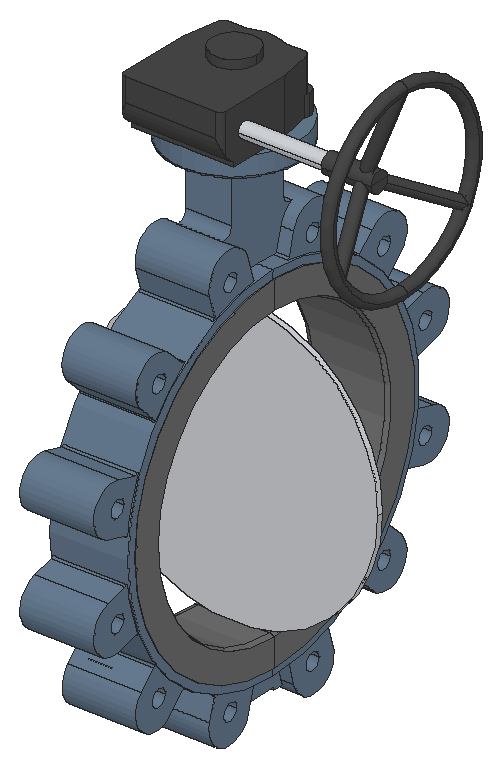
Revit family "Absperr- und Regulierklappe mit Getriebe AF-4219", category Rohrzubehör, Revit 2018 (continued)
Dimensions and locks
  "L02": plane 3 "Mitte (Links/rechts)" to Revolve 1 sketch curve  (x2)
  "D05": Revolve 6 sketch curve to plane 2
  "D04": Revolve 6 sketch curve to plane 2  (x2)
  "D02": Revolve 6 sketch curve to plane 2  (x2)
  "L03": plane 3 "Mitte (Links/rechts)" to Revolve 6 sketch curve
  "L02": Revolve 6 sketch curve to plane 3 "Mitte (Links/rechts)"
  "L03": Revolve 6 sketch curve to plane 3 "Mitte (Links/rechts)"
  "L01": plane 3 "Mitte (Links/rechts)" to Revolve 1 sketch curve
  "D02": Revolve 1 sketch curve to plane 2
  "L02": plane 3 "Mitte (Links/rechts)" to Revolve 6 sketch curve
  "D03": plane 2 to Revolve 6 sketch curve
  "L04": Revolve 6 sketch curve to plane 3 "Mitte (Links/rechts)" to Revolve 6 sketch curve
  "L01": curve 2 to plane 3 "Mitte (Links/rechts)" to curve 4
  equal spacing: curve 3, curve 6, curve 1
  equal spacing: curve 2, curve 6, curve 4
  "D01": curve 1 to plane 1 "Mitte (Vorne/hinten)" to curve 3
  "L01": curve 7 to curve 12 to curve 9
  "D01": curve 10 to curve 12 to curve 8
  "R99": radius of Revolve 2 sketch curve
  "D06": radius of Extrusion 7 sketch curve
  radius of curve 6 = 5 mm
  radius of curve 12 = 5 mm
  aligned and locked: level to plane 2
Automatic sketch dimensions
  Extrusion 3 sketch curve to Extrusion 3 sketch curve = 0 mm  (x20)
  Extrusion 3 sketch curve to level = 0 mm
  Extrusion 3 sketch curve to plane 1 "Mitte (Vorne/hinten)" = 0 mm
  plane 1 "Mitte (Vorne/hinten)" to Extrusion 3 sketch curve = 18.495 mm  (x2)
  Extrusion 3 sketch curve to Extrusion 3 sketch curve = 1.414 mm  (x16)
  Extrusion 3 sketch curve to Extrusion 3 sketch curve = 12.265 mm  (x8)
  Extrusion 3 sketch curve to level = 19.909 mm  (x2)
  Extrusion 3 sketch curve to Extrusion 3 sketch curve = 24.042 mm  (x8)
  level to Extrusion 3 sketch curve = 19.909 mm  (x2)
  Extrusion 3 sketch curve to Extrusion 3 sketch curve = 12.021 mm  (x12)
  Extrusion 3 sketch curve to plane 1 "Mitte (Vorne/hinten)" = 18.495 mm  (x2)
  Extrusion 3 sketch curve to Extrusion 3 sketch curve = 0.934 mm  (x4)
  Extrusion 4 sketch curve to level = 0 mm
  Extrusion 4 sketch curve to plane 1 "Mitte (Vorne/hinten)" = 0 mm
  plane 1 "Mitte (Vorne/hinten)" to Extrusion 4 sketch curve = 18.495 mm
  Extrusion 4 sketch curve to Extrusion 4 sketch curve = 1.414 mm  (x4)
  plane 1 "Mitte (Vorne/hinten)" to Extrusion 4 sketch curve = 20 mm
  Extrusion 4 sketch curve to Extrusion 4 sketch curve = 12.265 mm  (x2)
  Extrusion 4 sketch curve to Extrusion 4 sketch curve = 15 mm  (x2)
  Extrusion 4 sketch curve to Extrusion 4 sketch curve = 12.021 mm  (x4)
  Extrusion 4 sketch curve to plane 1 "Mitte (Vorne/hinten)" = 18.495 mm
  Extrusion 4 sketch curve to plane 1 "Mitte (Vorne/hinten)" = 20 mm
  level to Extrusion 4 sketch curve = 43.95 mm
  Extrusion 4 sketch curve to Extrusion 4 sketch curve = 0 mm
  Extrusion 4 sketch curve to Extrusion 4 sketch curve = 0.244 mm  (x2)
  Extrusion 4 sketch curve to Extrusion 4 sketch curve = 18.63 mm  (x2)
  Extrusion 4 sketch curve to Extrusion 4 sketch curve = 0.934 mm
  Extrusion 5 sketch curve to level = 0 mm
  Extrusion 5 sketch curve to plane 1 "Mitte (Vorne/hinten)" = 0 mm
  plane 1 "Mitte (Vorne/hinten)" to Extrusion 5 sketch curve = 15 mm
  Extrusion 5 sketch curve to Extrusion 5 sketch curve = 1.963 mm  (x2)
  Extrusion 5 sketch curve to Extrusion 5 sketch curve = 1.531 mm  (x2)
  Extrusion 5 sketch curve to Extrusion 5 sketch curve = 1.414 mm  (x4)
  Extrusion 5 sketch curve to Extrusion 5 sketch curve = 15.21 mm  (x2)
  Extrusion 5 sketch curve to Extrusion 5 sketch curve = 1.66 mm  (x2)
  Extrusion 5 sketch curve to Extrusion 5 sketch curve = 12.021 mm  (x3)
  Extrusion 5 sketch curve to plane 1 "Mitte (Vorne/hinten)" = 15 mm
  Extrusion 5 sketch curve to Extrusion 5 sketch curve = 1.037 mm  (x2)
  Extrusion 5 sketch curve to Extrusion 5 sketch curve = 1.4 mm  (x2)
  Extrusion 5 sketch curve to Extrusion 5 sketch curve = 1.785 mm  (x2)
  Extrusion 5 sketch curve to Extrusion 5 sketch curve = 12.635 mm  (x2)
  Extrusion 5 sketch curve to Extrusion 5 sketch curve = 0.934 mm
  Extrusion 5 sketch curve to Extrusion 5 sketch curve = 0.788 mm  (x2)
  Extrusion 5 sketch curve to Extrusion 5 sketch curve = 0 mm  (x2)
  Extrusion 4 sketch curve to Extrusion 4 sketch curve = 37.155 mm
  Extrusion 5 sketch curve to level = 43.95 mm
  Extrusion 8 sketch curve to Extrusion 8 sketch curve = 0 mm  (x12)
  Extrusion 8 sketch curve to level = 39.244 mm  (x2)
  plane 1 "Mitte (Vorne/hinten)" to Extrusion 8 sketch curve = 63.286 mm
  level to Extrusion 8 sketch curve = 39.244 mm  (x2)
  Extrusion 8 sketch curve to Extrusion 8 sketch curve = 9.19 mm  (x2)
  level to Extrusion 8 sketch curve = 28.614 mm  (x2)
  Extrusion 8 sketch curve to Extrusion 8 sketch curve = 1.441 mm  (x8)
  Extrusion 8 sketch curve to level = 28.614 mm  (x2)
  Extrusion 8 sketch curve to Extrusion 8 sketch curve = 12.021 mm  (x6)
  level to Extrusion 8 sketch curve = 63.286 mm  (x2)
  Extrusion 8 sketch curve to level = 63.286 mm  (x2)
  level to Extrusion 8 sketch curve = 52.636 mm  (x2)
  Extrusion 8 sketch curve to Extrusion 8 sketch curve = 10.65 mm  (x4)
  Extrusion 8 sketch curve to level = 52.636 mm  (x2)
  Extrusion 8 sketch curve to Extrusion 8 sketch curve = 1.414 mm  (x8)
  level to Extrusion 8 sketch curve = 0.001 mm  (x2)
  Extrusion 8 sketch curve to Extrusion 8 sketch curve = 28.594 mm
  Extrusion 8 sketch curve to level = 0.001 mm  (x2)
  Extrusion 8 sketch curve to Extrusion 8 sketch curve = 0.001 mm  (x2)
  Extrusion 8 sketch curve to Extrusion 8 sketch curve = 54.361 mm  (x2)
  Extrusion 8 sketch curve to Extrusion 8 sketch curve = 1.39 mm  (x2)
  Extrusion 8 sketch curve to Extrusion 8 sketch curve = 10.63 mm  (x2)
  Extrusion 8 sketch curve to Extrusion 8 sketch curve = 1.832 mm  (x2)
  Extrusion 9 sketch curve to Extrusion 9 sketch curve = 0 mm  (x5)
  Extrusion 9 sketch curve to level = 0 mm
  Extrusion 9 sketch curve to level = 51.265 mm
  plane 1 "Mitte (Vorne/hinten)" to Extrusion 9 sketch curve = 51.265 mm
  level to Extrusion 9 sketch curve = 51.265 mm
  Extrusion 9 sketch curve to Extrusion 9 sketch curve = 9.247 mm  (x3)
  Extrusion 9 sketch curve to level = 63.286 mm  (x2)
  Extrusion 9 sketch curve to Extrusion 9 sketch curve = 2.774 mm  (x4)
  level to Extrusion 9 sketch curve = 63.286 mm  (x2)
  Extrusion 9 sketch curve to Extrusion 9 sketch curve = 2.244 mm  (x2)
  Extrusion 9 sketch curve to Extrusion 9 sketch curve = 0.183 mm  (x2)
  level to Extrusion 9 sketch curve = 52.636 mm  (x2)
  Extrusion 9 sketch curve to Extrusion 9 sketch curve = 10.65 mm  (x3)
  Extrusion 9 sketch curve to level = 52.636 mm  (x2)
  Extrusion 9 sketch curve to Extrusion 9 sketch curve = 1.414 mm  (x8)
  Extrusion 9 sketch curve to Extrusion 9 sketch curve = 14.817 mm  (x2)
  Extrusion 9 sketch curve to Extrusion 9 sketch curve = 7.21 mm
  Extrusion 9 sketch curve to Extrusion 9 sketch curve = 1.971 mm
  Extrusion 9 sketch curve to Extrusion 9 sketch curve = 28.595 mm
  Extrusion 9 sketch curve to Extrusion 9 sketch curve = 36 mm
  Extrusion 9 sketch curve to Extrusion 9 sketch curve = 1.997 mm
  Extrusion 9 sketch curve to Extrusion 9 sketch curve = 44 mm
  Extrusion 9 sketch curve to Extrusion 9 sketch curve = 5.181 mm
  Extrusion 9 sketch curve to Extrusion 9 sketch curve = 7.184 mm
  Extrusion 9 sketch curve to Extrusion 9 sketch curve = 12.021 mm  (x2)
  Extrusion 9 sketch curve to Extrusion 9 sketch curve = 14.891 mm
  Extrusion 9 sketch curve to Extrusion 9 sketch curve = 6.473 mm
  Extrusion 9 sketch curve to Extrusion 9 sketch curve = 12.756 mm  (x2)
  Extrusion 9 sketch curve to Extrusion 9 sketch curve = 55.987 mm
  Extrusion 10 sketch curve to Extrusion 10 sketch curve = 0 mm  (x48)
  level to Extrusion 10 sketch curve = 14.909 mm  (x2)
  plane 1 "Mitte (Vorne/hinten)" to Extrusion 10 sketch curve = 80.416 mm
  Extrusion 10 sketch curve to level = 14.909 mm  (x2)
  Extrusion 10 sketch curve to Extrusion 10 sketch curve = 6.506 mm  (x6)
  Extrusion 10 sketch curve to level = 46.321 mm  (x2)
  level to Extrusion 10 sketch curve = 46.321 mm  (x2)
  Extrusion 10 sketch curve to level = 7.243 mm
  Extrusion 10 sketch curve to Extrusion 10 sketch curve = 13.321 mm
  level to Extrusion 10 sketch curve = 7.243 mm
  Extrusion 10 sketch curve to level = 9.076 mm  (x2)
  Extrusion 10 sketch curve to Extrusion 10 sketch curve = 0.759 mm  (x8)
  level to Extrusion 10 sketch curve = 9.076 mm  (x2)
  level to Extrusion 10 sketch curve = 40.487 mm  (x2)
  Extrusion 10 sketch curve to Extrusion 10 sketch curve = 14.082 mm  (x4)
  Extrusion 10 sketch curve to level = 40.487 mm  (x2)
  Extrusion 10 sketch curve to Extrusion 10 sketch curve = 0.758 mm  (x8)
  level to Extrusion 10 sketch curve = 67.405 mm  (x2)
  Extrusion 10 sketch curve to Extrusion 10 sketch curve = 6.243 mm  (x2)
  Extrusion 10 sketch curve to level = 67.405 mm  (x2)
  Extrusion 10 sketch curve to Extrusion 10 sketch curve = 10.245 mm  (x4)
  level to Extrusion 10 sketch curve = 53.322 mm  (x2)
  Extrusion 10 sketch curve to Extrusion 10 sketch curve = 1.831 mm  (x8)
  Extrusion 10 sketch curve to level = 53.322 mm  (x2)
  Extrusion 10 sketch curve to Extrusion 10 sketch curve = 15.706 mm  (x6)
  level to Extrusion 10 sketch curve = 80.416 mm  (x2)
  Extrusion 10 sketch curve to level = 80.416 mm  (x2)
  Extrusion 10 sketch curve to level = 66.335 mm  (x2)
  Extrusion 10 sketch curve to Extrusion 10 sketch curve = 5.832 mm  (x4)
  level to Extrusion 10 sketch curve = 66.335 mm  (x2)
  Extrusion 10 sketch curve to Extrusion 10 sketch curve = 1.833 mm  (x6)
  level to Extrusion 10 sketch curve = 0 mm
  Extrusion 10 sketch curve to Extrusion 10 sketch curve = 14.486 mm  (x2)
  Extrusion 10 sketch curve to Extrusion 10 sketch curve = 9.873 mm  (x2)
  Extrusion 10 sketch curve to Extrusion 10 sketch curve = 5.833 mm  (x2)
  Extrusion 10 sketch curve to Extrusion 10 sketch curve = 13.013 mm
  Extrusion 10 sketch curve to Extrusion 10 sketch curve = 14.081 mm  (x2)
  Extrusion 10 sketch curve to Extrusion 10 sketch curve = 1.973 mm  (x4)
  Extrusion 10 sketch curve to Extrusion 10 sketch curve = 1.544 mm  (x4)
  Extrusion 10 sketch curve to Extrusion 10 sketch curve = 1.243 mm  (x3)
  Extrusion 10 sketch curve to Extrusion 10 sketch curve = 0.211 mm  (x2)
  Extrusion 10 sketch curve to Extrusion 10 sketch curve = 0.002 mm  (x5)
  Extrusion 10 sketch curve to Extrusion 10 sketch curve = 0.213 mm  (x2)
  Extrusion 10 sketch curve to Extrusion 10 sketch curve = 41.076 mm
  Extrusion 10 sketch curve to level = 0 mm
  level to Extrusion 11 sketch curve = 100.814 mm
  plane 1 "Mitte (Vorne/hinten)" to Extrusion 11 sketch curve = 32 mm
  Extrusion 11 sketch curve to Extrusion 11 sketch curve = 1.385 mm
  Extrusion 11 sketch curve to Extrusion 11 sketch curve = 10 mm  (x2)
  Extrusion 11 sketch curve to level = 80.416 mm
  Extrusion 11 sketch curve to Extrusion 11 sketch curve = 15.706 mm  (x3)
  level to Extrusion 11 sketch curve = 80.416 mm  (x2)
  Extrusion 11 sketch curve to Extrusion 11 sketch curve = 1.409 mm
  Extrusion 11 sketch curve to level = 66.335 mm  (x2)
  Extrusion 11 sketch curve to Extrusion 11 sketch curve = 5.832 mm  (x3)
  level to Extrusion 11 sketch curve = 66.335 mm  (x2)
  Extrusion 11 sketch curve to Extrusion 11 sketch curve = 1.833 mm  (x4)
  level to Extrusion 11 sketch curve = 0.554 mm
  Extrusion 11 sketch curve to Extrusion 11 sketch curve = 9.076 mm
  Extrusion 11 sketch curve to level = 0.554 mm
  Extrusion 11 sketch curve to Extrusion 11 sketch curve = 0 mm  (x3)
  Extrusion 11 sketch curve to Extrusion 11 sketch curve = 14.486 mm  (x2)
  Extrusion 11 sketch curve to Extrusion 11 sketch curve = 44 mm
  Extrusion 11 sketch curve to Extrusion 11 sketch curve = 0.759 mm  (x4)
  Extrusion 11 sketch curve to Extrusion 11 sketch curve = 6.506 mm
  Extrusion 11 sketch curve to Extrusion 11 sketch curve = 42.686 mm
  Extrusion 11 sketch curve to level = 80.371 mm
  Extrusion 11 sketch curve to Extrusion 11 sketch curve = 1.39 mm
  Extrusion 11 sketch curve to Extrusion 11 sketch curve = 27 mm
  Extrusion 12 sketch curve to Extrusion 12 sketch curve = 0 mm  (x40)
  Extrusion 12 sketch curve to level = 0 mm
  level to Extrusion 12 sketch curve = 18.736 mm  (x2)
  plane 1 "Mitte (Vorne/hinten)" to Extrusion 12 sketch curve = 89.655 mm
  Extrusion 12 sketch curve to level = 18.736 mm  (x2)
  Extrusion 12 sketch curve to Extrusion 12 sketch curve = 6.506 mm  (x6)
  Extrusion 12 sketch curve to level = 50.147 mm  (x2)
  level to Extrusion 12 sketch curve = 50.147 mm  (x2)
  Extrusion 12 sketch curve to Extrusion 12 sketch curve = 13.415 mm  (x2)
  Extrusion 12 sketch curve to level = 12.858 mm  (x2)
  Extrusion 12 sketch curve to Extrusion 12 sketch curve = 0.776 mm  (x8)
  level to Extrusion 12 sketch curve = 12.858 mm  (x2)
  Extrusion 12 sketch curve to level = 44.269 mm  (x2)
  Extrusion 12 sketch curve to Extrusion 12 sketch curve = 14.192 mm  (x4)
  level to Extrusion 12 sketch curve = 44.269 mm  (x2)
  Extrusion 12 sketch curve to Extrusion 12 sketch curve = 0.775 mm  (x8)
  level to Extrusion 12 sketch curve = 76.644 mm  (x2)
  Extrusion 12 sketch curve to Extrusion 12 sketch curve = 11.529 mm  (x2)
  Extrusion 12 sketch curve to level = 76.644 mm  (x2)
  Extrusion 12 sketch curve to Extrusion 12 sketch curve = 4.008 mm  (x2)
  level to Extrusion 12 sketch curve = 62.451 mm  (x2)
  Extrusion 12 sketch curve to Extrusion 12 sketch curve = 1.871 mm  (x8)
  Extrusion 12 sketch curve to level = 62.451 mm  (x2)
  Extrusion 12 sketch curve to Extrusion 12 sketch curve = 15.706 mm  (x6)
  level to Extrusion 12 sketch curve = 89.655 mm  (x2)
  Extrusion 12 sketch curve to level = 89.655 mm  (x2)
  Extrusion 12 sketch curve to level = 75.464 mm  (x2)
  Extrusion 12 sketch curve to Extrusion 12 sketch curve = 5.878 mm  (x4)
  level to Extrusion 12 sketch curve = 75.464 mm  (x2)
  Extrusion 12 sketch curve to Extrusion 12 sketch curve = 1.873 mm  (x8)
  Extrusion 12 sketch curve to Extrusion 12 sketch curve = 21.969 mm  (x2)
  Extrusion 12 sketch curve to Extrusion 12 sketch curve = 9.827 mm  (x2)
  Extrusion 12 sketch curve to Extrusion 12 sketch curve = 5.879 mm  (x2)
  Extrusion 12 sketch curve to Extrusion 12 sketch curve = 15.537 mm  (x2)
  Extrusion 12 sketch curve to Extrusion 12 sketch curve = 13.013 mm
  Extrusion 12 sketch curve to Extrusion 12 sketch curve = 14.19 mm  (x2)
  Extrusion 12 sketch curve to Extrusion 12 sketch curve = 44.269 mm
  Extrusion 13 sketch curve to Extrusion 13 sketch curve = 0 mm  (x5)
  Extrusion 13 sketch curve to level = 0 mm
  level to Extrusion 13 sketch curve = 114.47 mm
  plane 1 "Mitte (Vorne/hinten)" to Extrusion 13 sketch curve = 41 mm
  Extrusion 13 sketch curve to level = 83.149 mm
  Extrusion 13 sketch curve to Extrusion 13 sketch curve = 6.558 mm  (x2)
  Extrusion 13 sketch curve to Extrusion 13 sketch curve = 15 mm  (x2)
  level to Extrusion 13 sketch curve = 89.655 mm  (x2)
  Extrusion 13 sketch curve to Extrusion 13 sketch curve = 15.706 mm  (x2)
  Extrusion 13 sketch curve to Extrusion 13 sketch curve = 5.236 mm  (x2)
  level to Extrusion 13 sketch curve = 75.464 mm  (x2)
  Extrusion 13 sketch curve to Extrusion 13 sketch curve = 5.878 mm  (x3)
  Extrusion 13 sketch curve to level = 75.464 mm  (x2)
  Extrusion 13 sketch curve to Extrusion 13 sketch curve = 1.873 mm  (x4)
  Extrusion 13 sketch curve to Extrusion 13 sketch curve = 12.858 mm
  Extrusion 13 sketch curve to Extrusion 13 sketch curve = 21.969 mm
  Extrusion 13 sketch curve to Extrusion 13 sketch curve = 3.345 mm
  Extrusion 13 sketch curve to Extrusion 13 sketch curve = 3 mm  (x2)
  Extrusion 13 sketch curve to Extrusion 13 sketch curve = 6.506 mm  (x3)
  Extrusion 13 sketch curve to Extrusion 13 sketch curve = 0.776 mm  (x4)
  Extrusion 13 sketch curve to Extrusion 13 sketch curve = 31.321 mm
  Extrusion 13 sketch curve to Extrusion 13 sketch curve = 52.53 mm
  Extrusion 13 sketch curve to Extrusion 13 sketch curve = 11.129 mm  (x2)
  Extrusion 13 sketch curve to Extrusion 13 sketch curve = 9.812 mm  (x2)
  Extrusion 13 sketch curve to Extrusion 13 sketch curve = 3.078 mm
  Extrusion 13 sketch curve to Extrusion 13 sketch curve = 21.68 mm
  Extrusion 13 sketch curve to Extrusion 13 sketch curve = 2.515 mm
  Extrusion 13 sketch curve to Extrusion 13 sketch curve = 52 mm
  Extrusion 14 sketch curve to Extrusion 14 sketch curve = 0 mm  (x22)
  Extrusion 14 sketch curve to level = 24.476 mm  (x2)
  plane 1 "Mitte (Vorne/hinten)" to Extrusion 14 sketch curve = 103.513 mm
  level to Extrusion 14 sketch curve = 24.476 mm  (x2)
  Extrusion 14 sketch curve to Extrusion 14 sketch curve = 6.506 mm  (x6)
  Extrusion 14 sketch curve to Extrusion 14 sketch curve = 11.623 mm  (x2)
  Extrusion 14 sketch curve to level = 19.351 mm  (x2)
  Extrusion 14 sketch curve to Extrusion 14 sketch curve = 0.749 mm  (x8)
  level to Extrusion 14 sketch curve = 19.351 mm  (x2)
  Extrusion 14 sketch curve to level = 55.888 mm  (x2)
  level to Extrusion 14 sketch curve = 55.888 mm  (x2)
  Extrusion 14 sketch curve to level = 50.783 mm  (x2)
  Extrusion 14 sketch curve to Extrusion 14 sketch curve = 12.323 mm  (x4)
  level to Extrusion 14 sketch curve = 50.783 mm  (x2)
  Extrusion 14 sketch curve to Extrusion 14 sketch curve = 0.774 mm  (x8)
  level to Extrusion 14 sketch curve = 90.502 mm  (x2)
  Extrusion 14 sketch curve to Extrusion 14 sketch curve = 21.517 mm  (x2)
  Extrusion 14 sketch curve to level = 90.502 mm  (x2)
  Extrusion 14 sketch curve to Extrusion 14 sketch curve = 3.235 mm  (x2)
  Extrusion 14 sketch curve to level = 78.179 mm  (x2)
  Extrusion 14 sketch curve to Extrusion 14 sketch curve = 1.869 mm  (x8)
  level to Extrusion 14 sketch curve = 78.179 mm  (x2)
  Extrusion 14 sketch curve to Extrusion 14 sketch curve = 15.706 mm  (x6)
  level to Extrusion 14 sketch curve = 103.513 mm  (x2)
  Extrusion 14 sketch curve to level = 103.513 mm  (x2)
  level to Extrusion 14 sketch curve = 91.141 mm  (x2)
  Extrusion 14 sketch curve to Extrusion 14 sketch curve = 5.125 mm  (x4)
  Extrusion 14 sketch curve to level = 91.141 mm  (x2)
  Extrusion 14 sketch curve to Extrusion 14 sketch curve = 1.809 mm  (x8)
  Extrusion 14 sketch curve to level = 0.103 mm  (x2)
  Extrusion 14 sketch curve to Extrusion 14 sketch curve = 90.896 mm
  level to Extrusion 14 sketch curve = 0.103 mm  (x2)
  Extrusion 14 sketch curve to Extrusion 14 sketch curve = 0.142 mm  (x7)
  Extrusion 14 sketch curve to Extrusion 14 sketch curve = 0.207 mm  (x2)
  Extrusion 14 sketch curve to Extrusion 14 sketch curve = 35.084 mm  (x2)
  Extrusion 14 sketch curve to Extrusion 14 sketch curve = 10.601 mm  (x2)
  Extrusion 14 sketch curve to Extrusion 14 sketch curve = 5.104 mm  (x2)
  Extrusion 14 sketch curve to Extrusion 14 sketch curve = 24.752 mm  (x2)
  Extrusion 14 sketch curve to Extrusion 14 sketch curve = 12.962 mm  (x2)
  Extrusion 14 sketch curve to Extrusion 14 sketch curve = 12.372 mm  (x2)
  Extrusion 14 sketch curve to level = 0.245 mm
  Extrusion 14 sketch curve to Extrusion 14 sketch curve = 1.933 mm  (x2)
  Extrusion 14 sketch curve to Extrusion 14 sketch curve = 0.314 mm  (x2)
  level to Extrusion 15 sketch curve = 97.007 mm
  plane 1 "Mitte (Vorne/hinten)" to Extrusion 15 sketch curve = 40.182 mm
  Extrusion 15 sketch curve to level = 97.007 mm
  Extrusion 15 sketch curve to Extrusion 15 sketch curve = 0 mm  (x7)
  Extrusion 15 sketch curve to Extrusion 15 sketch curve = 4.132 mm
  Extrusion 15 sketch curve to Extrusion 15 sketch curve = 10.048 mm  (x2)
  Extrusion 15 sketch curve to Extrusion 15 sketch curve = 15.706 mm  (x3)
  level to Extrusion 15 sketch curve = 103.513 mm  (x2)
  level to Extrusion 15 sketch curve = 91.141 mm  (x2)
  Extrusion 15 sketch curve to Extrusion 15 sketch curve = 5.125 mm  (x3)
  Extrusion 15 sketch curve to level = 91.141 mm  (x2)
  Extrusion 15 sketch curve to Extrusion 15 sketch curve = 1.809 mm  (x4)
  Extrusion 15 sketch curve to Extrusion 15 sketch curve = 10.974 mm  (x2)
  Extrusion 15 sketch curve to level = 0.111 mm
  Extrusion 15 sketch curve to Extrusion 15 sketch curve = 19.35 mm
  level to Extrusion 15 sketch curve = 0.111 mm
  Extrusion 15 sketch curve to Extrusion 15 sketch curve = 35.081 mm
  Extrusion 15 sketch curve to Extrusion 15 sketch curve = 4.041 mm
  Extrusion 15 sketch curve to level = 103.513 mm
  Extrusion 15 sketch curve to Extrusion 15 sketch curve = 9.998 mm  (x2)
  Extrusion 15 sketch curve to Extrusion 15 sketch curve = 3 mm
  Extrusion 15 sketch curve to Extrusion 15 sketch curve = 6.505 mm  (x2)
  Extrusion 15 sketch curve to Extrusion 15 sketch curve = 0.749 mm  (x4)
  Extrusion 15 sketch curve to Extrusion 15 sketch curve = 20.176 mm  (x2)
  Extrusion 15 sketch curve to Extrusion 15 sketch curve = 62.311 mm
  Extrusion 15 sketch curve to Extrusion 15 sketch curve = 0.048 mm
  Extrusion 15 sketch curve to Extrusion 15 sketch curve = 11.626 mm  (x2)
  Extrusion 15 sketch curve to Extrusion 15 sketch curve = 27 mm
  Extrusion 15 sketch curve to Extrusion 15 sketch curve = 52 mm
  Extrusion 16 sketch curve to Extrusion 16 sketch curve = 0 mm  (x23)
  Extrusion 16 sketch curve to level = 26.521 mm  (x2)
  plane 1 "Mitte (Vorne/hinten)" to Extrusion 16 sketch curve = 118.902 mm
  level to Extrusion 16 sketch curve = 26.521 mm  (x2)
  Extrusion 16 sketch curve to Extrusion 16 sketch curve = 8.036 mm  (x6)
  Extrusion 16 sketch curve to Extrusion 16 sketch curve = 15.875 mm  (x2)
  level to Extrusion 16 sketch curve = 65.323 mm  (x2)
  Extrusion 16 sketch curve to level = 65.323 mm  (x2)
  level to Extrusion 16 sketch curve = 19.621 mm  (x2)
  Extrusion 16 sketch curve to Extrusion 16 sketch curve = 0.782 mm  (x8)
  Extrusion 16 sketch curve to level = 19.621 mm  (x2)
  Extrusion 16 sketch curve to level = 58.409 mm  (x2)
  Extrusion 16 sketch curve to Extrusion 16 sketch curve = 16.693 mm  (x4)
  level to Extrusion 16 sketch curve = 58.409 mm  (x2)
  Extrusion 16 sketch curve to Extrusion 16 sketch curve = 0.763 mm  (x8)
  Extrusion 16 sketch curve to level = 102.829 mm  (x2)
  Extrusion 16 sketch curve to Extrusion 16 sketch curve = 20.05 mm  (x2)
  level to Extrusion 16 sketch curve = 102.829 mm  (x2)
  Extrusion 16 sketch curve to Extrusion 16 sketch curve = 5.074 mm  (x2)
  level to Extrusion 16 sketch curve = 86.136 mm  (x2)
  Extrusion 16 sketch curve to Extrusion 16 sketch curve = 1.841 mm  (x8)
  Extrusion 16 sketch curve to level = 86.136 mm  (x2)
  Extrusion 16 sketch curve to Extrusion 16 sketch curve = 19.401 mm  (x6)
  level to Extrusion 16 sketch curve = 118.902 mm  (x2)
  Extrusion 16 sketch curve to level = 118.902 mm  (x2)
  level to Extrusion 16 sketch curve = 102.246 mm  (x2)
  Extrusion 16 sketch curve to Extrusion 16 sketch curve = 6.899 mm  (x4)
  Extrusion 16 sketch curve to level = 102.246 mm  (x2)
  Extrusion 16 sketch curve to Extrusion 16 sketch curve = 1.887 mm  (x8)
  level to Extrusion 16 sketch curve = 0.002 mm  (x2)
  Extrusion 16 sketch curve to Extrusion 16 sketch curve = 86.133 mm
  Extrusion 16 sketch curve to level = 0.002 mm
  Extrusion 16 sketch curve to Extrusion 16 sketch curve = 0.001 mm  (x8)
  Extrusion 16 sketch curve to Extrusion 16 sketch curve = 35.469 mm  (x2)
  Extrusion 16 sketch curve to Extrusion 16 sketch curve = 12.487 mm  (x2)
  Extrusion 16 sketch curve to Extrusion 16 sketch curve = 6.914 mm  (x2)
  Extrusion 16 sketch curve to Extrusion 16 sketch curve = 25.124 mm  (x2)
  Extrusion 16 sketch curve to Extrusion 16 sketch curve = 16.11 mm
  Extrusion 16 sketch curve to Extrusion 16 sketch curve = 16.656 mm  (x2)
  Extrusion 16 sketch curve to level = 0.003 mm
  Extrusion 16 sketch curve to Extrusion 16 sketch curve = 2.019 mm  (x2)
  Extrusion 16 sketch curve to Extrusion 16 sketch curve = 0.309 mm  (x2)
  Extrusion 16 sketch curve to Extrusion 16 sketch curve = 0.004 mm  (x2)
  Extrusion 17 sketch curve to Extrusion 17 sketch curve = 0 mm  (x7)
  Extrusion 17 sketch curve to level = 0 mm
  Extrusion 17 sketch curve to plane 1 "Mitte (Vorne/hinten)" = 0 mm
  plane 1 "Mitte (Vorne/hinten)" to Extrusion 17 sketch curve = 13.5 mm
  plane 1 "Mitte (Vorne/hinten)" to Extrusion 17 sketch curve = 17.734 mm  (x2)
  Extrusion 17 sketch curve to Extrusion 17 sketch curve = 1.887 mm  (x4)
  plane 1 "Mitte (Vorne/hinten)" to Extrusion 17 sketch curve = 26 mm
  Extrusion 17 sketch curve to Extrusion 17 sketch curve = 0.521 mm
  Extrusion 17 sketch curve to Extrusion 17 sketch curve = 13.021 mm  (x2)
  Extrusion 17 sketch curve to Extrusion 17 sketch curve = 4.341 mm  (x2)
  Extrusion 17 sketch curve to Extrusion 17 sketch curve = 10 mm  (x2)
  Extrusion 17 sketch curve to Extrusion 17 sketch curve = 19.401 mm  (x4)
  Extrusion 17 sketch curve to plane 1 "Mitte (Vorne/hinten)" = 13.5 mm
  Extrusion 17 sketch curve to plane 1 "Mitte (Vorne/hinten)" = 17.734 mm  (x2)
  Extrusion 17 sketch curve to Extrusion 17 sketch curve = 6.899 mm
  Extrusion 17 sketch curve to level = 102.246 mm
  Extrusion 17 sketch curve to Extrusion 17 sketch curve = 0.782 mm  (x4)
  Extrusion 17 sketch curve to Extrusion 17 sketch curve = 8.62 mm  (x4)
  Extrusion 17 sketch curve to Extrusion 17 sketch curve = 16.656 mm  (x4)
  Extrusion 17 sketch curve to Extrusion 17 sketch curve = 3 mm
  level to Extrusion 17 sketch curve = 102.246 mm
  Extrusion 17 sketch curve to Extrusion 17 sketch curve = 16.098 mm  (x2)
  Extrusion 17 sketch curve to Extrusion 17 sketch curve = 64 mm
  Extrusion 17 sketch curve to Extrusion 17 sketch curve = 4.938 mm
  Extrusion 18 sketch curve to Extrusion 18 sketch curve = 0 mm  (x62)
  Extrusion 18 sketch curve to level = 0 mm
  Extrusion 18 sketch curve to level = 17.891 mm  (x2)
  plane 1 "Mitte (Vorne/hinten)" to Extrusion 18 sketch curve = 147.909 mm
  level to Extrusion 18 sketch curve = 17.891 mm  (x2)
  Extrusion 18 sketch curve to Extrusion 18 sketch curve = 5.435 mm  (x6)
  Extrusion 18 sketch curve to level = 58.46 mm  (x2)
  level to Extrusion 18 sketch curve = 58.46 mm  (x2)
  Extrusion 18 sketch curve to Extrusion 18 sketch curve = 15.462 mm  (x2)
  level to Extrusion 18 sketch curve = 13.612 mm  (x2)
  Extrusion 18 sketch curve to Extrusion 18 sketch curve = 0.509 mm  (x8)
  Extrusion 18 sketch curve to level = 13.612 mm  (x2)
  Extrusion 18 sketch curve to level = 54.199 mm  (x2)
  Extrusion 18 sketch curve to Extrusion 18 sketch curve = 15.903 mm  (x4)
  level to Extrusion 18 sketch curve = 54.199 mm  (x2)
  Extrusion 18 sketch curve to Extrusion 18 sketch curve = 0.53 mm  (x8)
  Extrusion 18 sketch curve to level = 89.449 mm  (x2)
  Extrusion 18 sketch curve to Extrusion 18 sketch curve = 1.459 mm  (x2)
  level to Extrusion 18 sketch curve = 89.449 mm  (x2)
  Extrusion 18 sketch curve to Extrusion 18 sketch curve = 10.302 mm  (x2)
  Extrusion 18 sketch curve to level = 77.758 mm  (x2)
  Extrusion 18 sketch curve to Extrusion 18 sketch curve = 1.389 mm  (x8)
  level to Extrusion 18 sketch curve = 77.758 mm  (x2)
  Extrusion 18 sketch curve to Extrusion 18 sketch curve = 14.849 mm  (x6)
  Extrusion 18 sketch curve to level = 119.147 mm  (x2)
  level to Extrusion 18 sketch curve = 119.147 mm  (x2)
  level to Extrusion 18 sketch curve = 107.506 mm  (x2)
  Extrusion 18 sketch curve to Extrusion 18 sketch curve = 11.642 mm  (x4)
  Extrusion 18 sketch curve to level = 107.506 mm  (x2)
  Extrusion 18 sketch curve to Extrusion 18 sketch curve = 1.448 mm  (x8)
  level to Extrusion 18 sketch curve = 137.039 mm  (x2)
  Extrusion 18 sketch curve to Extrusion 18 sketch curve = 17.899 mm  (x2)
  Extrusion 18 sketch curve to level = 137.039 mm  (x2)
  Extrusion 18 sketch curve to Extrusion 18 sketch curve = 2.283 mm  (x2)
  Extrusion 18 sketch curve to level = 121.136 mm  (x2)
  Extrusion 18 sketch curve to Extrusion 18 sketch curve = 1.978 mm  (x8)
  level to Extrusion 18 sketch curve = 121.136 mm  (x2)
  Extrusion 18 sketch curve to Extrusion 18 sketch curve = 20.284 mm  (x6)
  Extrusion 18 sketch curve to level = 147.909 mm  (x2)
  level to Extrusion 18 sketch curve = 147.909 mm  (x2)
  level to Extrusion 18 sketch curve = 131.939 mm  (x2)
  Extrusion 18 sketch curve to Extrusion 18 sketch curve = 4.279 mm  (x4)
  Extrusion 18 sketch curve to level = 131.939 mm  (x2)
  Extrusion 18 sketch curve to Extrusion 18 sketch curve = 1.898 mm  (x8)
  Extrusion 18 sketch curve to Extrusion 18 sketch curve = 13.612 mm
  Extrusion 18 sketch curve to Extrusion 18 sketch curve = 23.429 mm  (x2)
  Extrusion 18 sketch curve to Extrusion 18 sketch curve = 16.023 mm  (x2)
  Extrusion 18 sketch curve to Extrusion 18 sketch curve = 4.261 mm  (x2)
  Extrusion 18 sketch curve to Extrusion 18 sketch curve = 20.183 mm  (x2)
  Extrusion 18 sketch curve to Extrusion 18 sketch curve = 3.158 mm  (x2)
  Extrusion 18 sketch curve to Extrusion 18 sketch curve = 11.691 mm  (x2)
  Extrusion 18 sketch curve to Extrusion 18 sketch curve = 11.76 mm  (x2)
  Extrusion 18 sketch curve to Extrusion 18 sketch curve = 10.803 mm
  Extrusion 18 sketch curve to Extrusion 18 sketch curve = 15.97 mm  (x2)
  Extrusion 19 sketch curve to Extrusion 19 sketch curve = 0 mm  (x5)
  Extrusion 19 sketch curve to level = 0 mm
  Extrusion 19 sketch curve to level = 142.474 mm
  plane 1 "Mitte (Vorne/hinten)" to Extrusion 19 sketch curve = 38.176 mm
  level to Extrusion 19 sketch curve = 142.474 mm
  Extrusion 19 sketch curve to Extrusion 19 sketch curve = 8.163 mm
  Extrusion 19 sketch curve to Extrusion 19 sketch curve = 2.013 mm  (x2)
  Extrusion 19 sketch curve to level = 147.909 mm
  Extrusion 19 sketch curve to Extrusion 19 sketch curve = 20.284 mm  (x3)
  level to Extrusion 19 sketch curve = 147.909 mm  (x2)
  Extrusion 19 sketch curve to Extrusion 19 sketch curve = 10.109 mm
  Extrusion 19 sketch curve to level = 131.939 mm  (x2)
  Extrusion 19 sketch curve to Extrusion 19 sketch curve = 4.279 mm  (x4)
  level to Extrusion 19 sketch curve = 131.939 mm  (x2)
  Extrusion 19 sketch curve to Extrusion 19 sketch curve = 1.898 mm  (x4)
  Extrusion 19 sketch curve to Extrusion 19 sketch curve = 13.612 mm
  Extrusion 19 sketch curve to Extrusion 19 sketch curve = 23.429 mm  (x2)
  Extrusion 19 sketch curve to Extrusion 19 sketch curve = 56 mm
  Extrusion 19 sketch curve to Extrusion 19 sketch curve = 5.435 mm  (x2)
  Extrusion 19 sketch curve to Extrusion 19 sketch curve = 0.509 mm  (x4)
  Extrusion 19 sketch curve to Extrusion 19 sketch curve = 16.081 mm  (x2)
  Extrusion 19 sketch curve to Extrusion 19 sketch curve = 66.01 mm
  Extrusion 19 sketch curve to Extrusion 19 sketch curve = 1.832 mm  (x2)
  Extrusion 19 sketch curve to Extrusion 19 sketch curve = 0.173 mm
  Extrusion 20 sketch curve to level = 22.097 mm  (x2)
  plane 1 "Mitte (Vorne/hinten)" to Extrusion 20 sketch curve = 177.618 mm
  level to Extrusion 20 sketch curve = 22.097 mm  (x2)
  Extrusion 20 sketch curve to Extrusion 20 sketch curve = 0 mm  (x17)
  Extrusion 20 sketch curve to Extrusion 20 sketch curve = 6.47 mm  (x4)
  Extrusion 20 sketch curve to Extrusion 20 sketch curve = 2.415 mm  (x8)
  level to Extrusion 20 sketch curve = 70.393 mm  (x2)
  Extrusion 20 sketch curve to level = 70.393 mm  (x2)
  Extrusion 20 sketch curve to Extrusion 20 sketch curve = 18.556 mm  (x2)
  Extrusion 20 sketch curve to level = 16.983 mm  (x2)
  Extrusion 20 sketch curve to Extrusion 20 sketch curve = 0.529 mm  (x16)
  level to Extrusion 20 sketch curve = 16.983 mm  (x2)
  level to Extrusion 20 sketch curve = 65.28 mm  (x2)
  Extrusion 20 sketch curve to Extrusion 20 sketch curve = 19.085 mm  (x6)
  Extrusion 20 sketch curve to level = 65.28 mm  (x2)
  Extrusion 20 sketch curve to level = 107.956 mm  (x2)
  Extrusion 20 sketch curve to Extrusion 20 sketch curve = 2.085 mm  (x2)
  level to Extrusion 20 sketch curve = 107.956 mm  (x2)
  Extrusion 20 sketch curve to Extrusion 20 sketch curve = 12.527 mm  (x2)
  level to Extrusion 20 sketch curve = 93.984 mm  (x2)
  Extrusion 20 sketch curve to Extrusion 20 sketch curve = 1.445 mm  (x16)
  Extrusion 20 sketch curve to level = 93.984 mm  (x2)
  Extrusion 20 sketch curve to Extrusion 20 sketch curve = 17.678 mm  (x4)
  Extrusion 20 sketch curve to Extrusion 20 sketch curve = 1.768 mm  (x8)
  level to Extrusion 20 sketch curve = 143.311 mm  (x2)
  Extrusion 20 sketch curve to level = 143.311 mm  (x2)
  Extrusion 20 sketch curve to level = 129.34 mm  (x2)
  Extrusion 20 sketch curve to Extrusion 20 sketch curve = 13.971 mm  (x6)
  level to Extrusion 20 sketch curve = 129.34 mm  (x2)
  level to Extrusion 20 sketch curve = 164.981 mm  (x2)
  Extrusion 20 sketch curve to Extrusion 20 sketch curve = 22.118 mm  (x2)
  Extrusion 20 sketch curve to level = 164.981 mm  (x2)
  Extrusion 20 sketch curve to Extrusion 20 sketch curve = 3.14 mm  (x2)
  level to Extrusion 20 sketch curve = 145.897 mm  (x2)
  Extrusion 20 sketch curve to Extrusion 20 sketch curve = 1.974 mm  (x8)
  Extrusion 20 sketch curve to level = 145.897 mm  (x2)
  Extrusion 20 sketch curve to Extrusion 20 sketch curve = 24.148 mm  (x4)
  Extrusion 20 sketch curve to Extrusion 20 sketch curve = 0.647 mm  (x8)
  level to Extrusion 20 sketch curve = 177.922 mm  (x2)
  Extrusion 20 sketch curve to level = 177.922 mm  (x2)
  level to Extrusion 20 sketch curve = 158.837 mm  (x2)
  Extrusion 20 sketch curve to Extrusion 20 sketch curve = 5.114 mm  (x6)
  Extrusion 20 sketch curve to level = 158.837 mm  (x2)
  Extrusion 20 sketch curve to Extrusion 20 sketch curve = 1.973 mm  (x8)
  Extrusion 20 sketch curve to level = 0.226 mm  (x2)
  Extrusion 20 sketch curve to Extrusion 20 sketch curve = 158.098 mm
  level to Extrusion 20 sketch curve = 0.226 mm
  level to Extrusion 20 sketch curve = 0.072 mm
  Extrusion 20 sketch curve to Extrusion 20 sketch curve = 0.128 mm  (x3)
  Extrusion 20 sketch curve to level = 0.072 mm
  Extrusion 20 sketch curve to Extrusion 20 sketch curve = 0.061 mm  (x4)
  Extrusion 20 sketch curve to level = 0.036 mm  (x2)
  Extrusion 20 sketch curve to Extrusion 20 sketch curve = 0.324 mm
  Extrusion 20 sketch curve to Extrusion 20 sketch curve = 29.244 mm  (x2)
  Extrusion 20 sketch curve to Extrusion 20 sketch curve = 23.501 mm  (x2)
  Extrusion 20 sketch curve to Extrusion 20 sketch curve = 19.681 mm  (x2)
  Extrusion 20 sketch curve to Extrusion 20 sketch curve = 25.258 mm  (x2)
  Extrusion 20 sketch curve to Extrusion 20 sketch curve = 15.91 mm  (x2)
  Extrusion 20 sketch curve to Extrusion 20 sketch curve = 5.474 mm  (x2)
  Extrusion 20 sketch curve to Extrusion 20 sketch curve = 14.612 mm  (x2)
  Extrusion 20 sketch curve to Extrusion 20 sketch curve = 12.94 mm
  Extrusion 20 sketch curve to Extrusion 20 sketch curve = 4.056 mm  (x2)
  Extrusion 20 sketch curve to Extrusion 20 sketch curve = 0.035 mm  (x2)
  level to Extrusion 20 sketch curve = 0.036 mm  (x2)
  Extrusion 20 sketch curve to Extrusion 20 sketch curve = 0.154 mm
  Extrusion 20 sketch curve to Extrusion 20 sketch curve = 2.037 mm  (x4)
  Extrusion 20 sketch curve to Extrusion 20 sketch curve = 1.856 mm  (x4)
  Extrusion 20 sketch curve to Extrusion 20 sketch curve = 1.841 mm  (x4)
  Extrusion 20 sketch curve to Extrusion 20 sketch curve = 1.179 mm  (x4)
  Extrusion 20 sketch curve to Extrusion 20 sketch curve = 0.856 mm  (x4)
  Extrusion 20 sketch curve to Extrusion 20 sketch curve = 0.153 mm  (x4)
  level to Extrusion 21 sketch curve = 171.452 mm
  plane 1 "Mitte (Vorne/hinten)" to Extrusion 21 sketch curve = 45.94 mm
  Extrusion 21 sketch curve to level = 171.452 mm
  Extrusion 21 sketch curve to Extrusion 21 sketch curve = 0 mm  (x2)
  Extrusion 21 sketch curve to Extrusion 21 sketch curve = 6.907 mm
  Extrusion 21 sketch curve to Extrusion 21 sketch curve = 11.901 mm
  Extrusion 21 sketch curve to Extrusion 21 sketch curve = 1.957 mm  (x2)
  Extrusion 21 sketch curve to level = 177.922 mm  (x2)
  Extrusion 21 sketch curve to Extrusion 21 sketch curve = 17.241 mm
  level to Extrusion 21 sketch curve = 177.922 mm  (x2)
  Extrusion 21 sketch curve to Extrusion 21 sketch curve = 10.291 mm  (x2)
  Extrusion 21 sketch curve to Extrusion 21 sketch curve = 0.709 mm  (x2)
  level to Extrusion 21 sketch curve = 158.808 mm  (x2)
  Extrusion 21 sketch curve to Extrusion 21 sketch curve = 5.122 mm  (x3)
  Extrusion 21 sketch curve to level = 158.808 mm  (x2)
  Extrusion 21 sketch curve to Extrusion 21 sketch curve = 1.932 mm  (x4)
  level to Extrusion 21 sketch curve = 0.021 mm
  Extrusion 21 sketch curve to Extrusion 21 sketch curve = 16.588 mm
  Extrusion 21 sketch curve to Extrusion 21 sketch curve = 29.311 mm  (x2)
  Extrusion 21 sketch curve to Extrusion 21 sketch curve = 24.148 mm
  Extrusion 21 sketch curve to Extrusion 21 sketch curve = 17.557 mm
  Extrusion 21 sketch curve to Extrusion 21 sketch curve = 3 mm
  Extrusion 21 sketch curve to Extrusion 21 sketch curve = 6.47 mm  (x2)
  Extrusion 21 sketch curve to Extrusion 21 sketch curve = 0.518 mm  (x4)
  Extrusion 21 sketch curve to level = 0.021 mm
  Extrusion 21 sketch curve to Extrusion 21 sketch curve = 17.717 mm  (x2)
  Extrusion 21 sketch curve to Extrusion 21 sketch curve = 67.361 mm
  Extrusion 21 sketch curve to Extrusion 21 sketch curve = 0.12 mm  (x2)
  Extrusion 21 sketch curve to Extrusion 21 sketch curve = 17.951 mm
  Extrusion 21 sketch curve to Extrusion 21 sketch curve = 6.344 mm
  level to Extrusion 22 sketch curve = 28.91 mm  (x2)
  plane 1 "Mitte (Vorne/hinten)" to Extrusion 22 sketch curve = 204.485 mm
  Extrusion 22 sketch curve to level = 28.91 mm  (x2)
  Extrusion 22 sketch curve to Extrusion 22 sketch curve = 0 mm  (x9)
  Extrusion 22 sketch curve to Extrusion 22 sketch curve = 6.47 mm  (x4)
  Extrusion 22 sketch curve to Extrusion 22 sketch curve = 4.83 mm  (x8)
  Extrusion 22 sketch curve to level = 77.206 mm  (x2)
  level to Extrusion 22 sketch curve = 77.206 mm  (x2)
  Extrusion 22 sketch curve to Extrusion 22 sketch curve = 20.758 mm  (x2)
  level to Extrusion 22 sketch curve = 23.212 mm  (x2)
  Extrusion 22 sketch curve to Extrusion 22 sketch curve = 0.507 mm  (x8)
  Extrusion 22 sketch curve to level = 23.212 mm  (x2)
  Extrusion 22 sketch curve to level = 71.52 mm  (x2)
  Extrusion 22 sketch curve to Extrusion 22 sketch curve = 21.221 mm  (x4)
  level to Extrusion 22 sketch curve = 71.52 mm  (x2)
  Extrusion 22 sketch curve to Extrusion 22 sketch curve = 0.521 mm  (x8)
  level to Extrusion 22 sketch curve = 127.279 mm  (x2)
  Extrusion 22 sketch curve to Extrusion 22 sketch curve = 7.168 mm  (x2)
  Extrusion 22 sketch curve to level = 127.279 mm  (x2)
  Extrusion 22 sketch curve to Extrusion 22 sketch curve = 14.182 mm  (x2)
  Extrusion 22 sketch curve to level = 111.712 mm  (x2)
  Extrusion 22 sketch curve to Extrusion 22 sketch curve = 1.386 mm  (x8)
  level to Extrusion 22 sketch curve = 111.712 mm  (x2)
  Extrusion 22 sketch curve to Extrusion 22 sketch curve = 17.678 mm  (x4)
  Extrusion 22 sketch curve to Extrusion 22 sketch curve = 3.536 mm  (x8)
  level to Extrusion 22 sketch curve = 162.635 mm  (x2)
  Extrusion 22 sketch curve to level = 162.635 mm  (x2)
  Extrusion 22 sketch curve to level = 147.1 mm  (x2)
  Extrusion 22 sketch curve to Extrusion 22 sketch curve = 15.535 mm  (x4)
  level to Extrusion 22 sketch curve = 147.1 mm  (x2)
  Extrusion 22 sketch curve to Extrusion 22 sketch curve = 1.423 mm  (x8)
  level to Extrusion 22 sketch curve = 191.544 mm  (x2)
  Extrusion 22 sketch curve to Extrusion 22 sketch curve = 33.115 mm  (x2)
  Extrusion 22 sketch curve to level = 191.544 mm  (x2)
  Extrusion 22 sketch curve to Extrusion 22 sketch curve = 3.742 mm  (x2)
  Extrusion 22 sketch curve to level = 170.323 mm  (x2)
  Extrusion 22 sketch curve to Extrusion 22 sketch curve = 1.944 mm  (x8)
  level to Extrusion 22 sketch curve = 170.323 mm  (x2)
  Extrusion 22 sketch curve to Extrusion 22 sketch curve = 24.148 mm  (x4)
  Extrusion 22 sketch curve to Extrusion 22 sketch curve = 1.294 mm  (x8)
  Extrusion 22 sketch curve to level = 204.485 mm  (x2)
  level to Extrusion 22 sketch curve = 204.485 mm  (x2)
  level to Extrusion 22 sketch curve = 183.22 mm  (x2)
  Extrusion 22 sketch curve to Extrusion 22 sketch curve = 5.698 mm  (x4)
  Extrusion 22 sketch curve to level = 183.22 mm  (x2)
  Extrusion 22 sketch curve to Extrusion 22 sketch curve = 1.893 mm  (x8)
  Extrusion 22 sketch curve to level = 0.029 mm
  Extrusion 22 sketch curve to Extrusion 22 sketch curve = 147.001 mm
  level to Extrusion 22 sketch curve = 0.029 mm  (x2)
  Extrusion 22 sketch curve to Extrusion 22 sketch curve = 0.008 mm  (x4)
  Extrusion 22 sketch curve to Extrusion 22 sketch curve = 0.029 mm  (x4)
  Extrusion 22 sketch curve to Extrusion 22 sketch curve = 0.057 mm  (x4)
  Extrusion 22 sketch curve to Extrusion 22 sketch curve = 42.638 mm  (x2)
  Extrusion 22 sketch curve to Extrusion 22 sketch curve = 22.854 mm  (x2)
  Extrusion 22 sketch curve to Extrusion 22 sketch curve = 19.756 mm  (x2)
  Extrusion 22 sketch curve to Extrusion 22 sketch curve = 5.686 mm  (x2)
  Extrusion 22 sketch curve to Extrusion 22 sketch curve = 36.857 mm  (x2)
  Extrusion 22 sketch curve to Extrusion 22 sketch curve = 14.142 mm  (x2)
  Extrusion 22 sketch curve to Extrusion 22 sketch curve = 5.646 mm  (x2)
  Extrusion 22 sketch curve to Extrusion 22 sketch curve = 15.567 mm  (x2)
  Extrusion 22 sketch curve to Extrusion 22 sketch curve = 21.349 mm  (x2)
  Extrusion 22 sketch curve to Extrusion 22 sketch curve = 12.897 mm
  Extrusion 22 sketch curve to Extrusion 22 sketch curve = 1.641 mm  (x2)
  Extrusion 22 sketch curve to Extrusion 22 sketch curve = 21.266 mm  (x2)
  Extrusion 22 sketch curve to level = 0.066 mm
  Extrusion 22 sketch curve to Extrusion 22 sketch curve = 0.037 mm
  Extrusion 22 sketch curve to Extrusion 22 sketch curve = 0.014 mm  (x4)
  Extrusion 22 sketch curve to Extrusion 22 sketch curve = 0.023 mm  (x3)
  Extrusion 22 sketch curve to Extrusion 22 sketch curve = 1.959 mm  (x2)
  Extrusion 22 sketch curve to Extrusion 22 sketch curve = 1.725 mm  (x2)
  Extrusion 23 sketch curve to Extrusion 23 sketch curve = 0 mm  (x4)
  Extrusion 23 sketch curve to level = 0 mm
  level to Extrusion 23 sketch curve = 198.015 mm
  plane 1 "Mitte (Vorne/hinten)" to Extrusion 23 sketch curve = 53.058 mm
  Extrusion 23 sketch curve to Extrusion 23 sketch curve = 11.058 mm
  Extrusion 23 sketch curve to Extrusion 23 sketch curve = 10 mm  (x2)
  Extrusion 23 sketch curve to Extrusion 23 sketch curve = 21.696 mm
  Extrusion 23 sketch curve to level = 204.485 mm
  Extrusion 23 sketch curve to Extrusion 23 sketch curve = 2.452 mm  (x2)
  level to Extrusion 23 sketch curve = 204.485 mm  (x2)
  Extrusion 23 sketch curve to Extrusion 23 sketch curve = 24.148 mm  (x3)
  Extrusion 23 sketch curve to level = 183.22 mm  (x2)
  Extrusion 23 sketch curve to Extrusion 23 sketch curve = 5.698 mm  (x3)
  level to Extrusion 23 sketch curve = 183.22 mm  (x2)
  Extrusion 23 sketch curve to Extrusion 23 sketch curve = 1.893 mm  (x4)
  Extrusion 23 sketch curve to Extrusion 23 sketch curve = 7.91 mm  (x2)
  Extrusion 23 sketch curve to Extrusion 23 sketch curve = 23.212 mm
  Extrusion 23 sketch curve to Extrusion 23 sketch curve = 42 mm
  Extrusion 23 sketch curve to Extrusion 23 sketch curve = 42.638 mm
  Extrusion 23 sketch curve to Extrusion 23 sketch curve = 0.319 mm
  Extrusion 23 sketch curve to Extrusion 23 sketch curve = 64 mm
  Extrusion 23 sketch curve to Extrusion 23 sketch curve = 2.951 mm
  Extrusion 23 sketch curve to Extrusion 23 sketch curve = 3 mm  (x2)
  Extrusion 23 sketch curve to Extrusion 23 sketch curve = 12.421 mm
  Extrusion 23 sketch curve to Extrusion 23 sketch curve = 0.507 mm  (x4)
  Extrusion 23 sketch curve to Extrusion 23 sketch curve = 6.47 mm
  Extrusion 23 sketch curve to Extrusion 23 sketch curve = 26.515 mm  (x2)
  Extrusion 23 sketch curve to Extrusion 23 sketch curve = 57 mm
  Extrusion 23 sketch curve to Extrusion 23 sketch curve = 0.014 mm  (x2)
  curve 12 to level = 0 mm
  curve 12 to plane 3 "Mitte (Links/rechts)" = 0 mm
  Revolve 1 sketch curve to level = 0 mm
  Revolve 1 sketch curve to Revolve 1 sketch curve = 1330.49 mm
  Revolve 1 sketch curve to Revolve 1 sketch curve = 1877.483 mm
  Revolve 2 sketch curve to plane 3 "Mitte (Links/rechts)" = 0 mm  (x2)
  Revolve 2 sketch curve to Revolve 2 sketch curve = 0.333 mm
  Revolve 2 sketch curve to level = 366.045 mm
  Revolve 2 sketch curve to Revolve 2 sketch curve = 2089.315 mm
  Revolve 6 sketch curve to level = 0 mm
  Revolve 6 sketch curve to Revolve 6 sketch curve = 1463.783 mm
  Revolve 6 sketch curve to Revolve 6 sketch curve = 1741.775 mm
  Extrusion 7 sketch curve to level = 0 mm
  Extrusion 7 sketch curve to plane 3 "Mitte (Links/rechts)" = 0 mm
  radius of Extrusion 3 sketch curve = 6.92 mm  (x4)
  radius of Extrusion 8 sketch curve = 6.92 mm  (x4)
  radius of Extrusion 10 sketch curve = 6.92 mm  (x8)
  radius of Extrusion 12 sketch curve = 6.92 mm  (x8)
  radius of Extrusion 14 sketch curve = 6.92 mm  (x8)
  radius of Extrusion 16 sketch curve = 8.645 mm  (x8)
  radius of Extrusion 18 sketch curve = 8.645 mm  (x12)
  radius of Extrusion 20 sketch curve = 8.645 mm  (x12)
  radius of Extrusion 22 sketch curve = 8.645 mm  (x12)
Nested families
  nested 1: "Herz-Logo-vorne" at (-15, 0, 92), visible <- "DN50", type "Herz-Logo-vorne", detail levels fine
  nested 2: "Herz-Logo-vorne" at (-18, 0, 116.5), visible <- "DN65", type "Herz-Logo-vorne", detail levels fine
  nested 3: "Herz-Logo-vorne" at (-18.5, 0, 123.5), visible <- "DN80", type "Herz-Logo-vorne", detail levels fine
  nested 4: "Herz-Logo-vorne" at (-18, 0, 147), visible <- "DN100", type "Herz-Logo-vorne", detail levels fine
  nested 5: "Herz-Logo-vorne" at (-18, 0, 166), visible <- "DN125", type "Herz-Logo-vorne", detail levels fine
  nested 6: "Herz-Logo-vorne" at (-18, 0, 179), visible <- "DN150", type "Herz-Logo-vorne", detail levels fine
  nested 7: "Herz-Logo-vorne" at (-20, 0, 210), visible <- "DN200", type "Herz-Logo-vorne", detail levels fine
  nested 8: "Herz-Logo-vorne" at (-23, 0, 243), visible <- "DN250", type "Herz-Logo-vorne", detail levels fine
  nested 9: "Herz-Logo-vorne" at (-23, 0, 268), visible <- "DN300", type "Herz-Logo-vorne", detail levels fine
  nested 10: "Getriebe für Klappe DN50-DN200" at (0, 0, 125), visible <- "DN50", type "Getriebe für Klappe DN50-DN200"
  nested 11: "Getriebe für Klappe DN50-DN200" at (0, 0, 149.5), visible <- "DN65", type "Getriebe für Klappe DN50-DN200"
  nested 12: "Getriebe für Klappe DN50-DN200" at (0, 0, 156.5), visible <- "DN80", type "Getriebe für Klappe DN50-DN200"
  nested 13: "Getriebe für Klappe DN50-DN200" at (0, 0, 182), visible <- "DN100", type "Getriebe für Klappe DN50-DN200"
  nested 14: "Getriebe für Klappe DN50-DN200" at (0, 0, 201), visible <- "DN125", type "Getriebe für Klappe DN50-DN200"
  nested 15: "Getriebe für Klappe DN50-DN200" at (0, 0, 214), visible <- "DN150", type "Getriebe für Klappe DN50-DN200"
  nested 16: "Getriebe für Klappe DN50-DN200" at (0, 0, 245), visible <- "DN200", type "Getriebe für Klappe DN50-DN200"
  nested 17: "Getriebe für Klappe DN250-DN300" at (0, 0, 283), visible <- "DN250", type "Getriebe für Klappe DN250-DN300"
  nested 18: "Getriebe für Klappe DN250-DN300" at (0, 0, 308), visible <- "DN300", type "Getriebe für Klappe DN250-DN300"
Connectors
  piping at (-40.5, 0, 0), diameter 300, driven by "Nennweite"
    settings: on Revolve 6, index 1, connector inside diameter 609.6 mm, connector length 0 mm, flow factor 0, pipe flow 0.0 L/s, pressure drop 0.0 Pa, fitting loss kfactor 0, connector angle 0.00°, fixture units 0, engagement length 0 mm, angle of deflection 0.00°, flow configuration 0, flow direction 0, fitting loss method 0, system type 29, joint type 0, gender type 0, connector reference index -1, connector utility 0, adjustable connector no, is connector primary yes, connector description ""
  piping at (40.5, 0, 0), diameter 300, driven by "Nennweite"
    settings: on Revolve 6, index 2, connector inside diameter 609.6 mm, connector length 0 mm, flow factor 0, pipe flow 0.0 L/s, pressure drop 0.0 Pa, fitting loss kfactor 0, connector angle 0.00°, fixture units 0, engagement length 0 mm, angle of deflection 0.00°, flow configuration 0, flow direction 0, fitting loss method 0, system type 29, joint type 0, gender type 0, connector reference index -1, connector utility 0, adjustable connector no, is connector primary no, connector description ""
Definition of nested family "Herz-Logo-vorne"
  Reference planes
    plane 1 "Mitte (Vorne/hinten)": y = 0
    plane 2: z = 0
    plane 3 "Mitte (Links/rechts)": x = 0
  Forms (mm)
    Extrusion 1, solid
      sketch origin (0.732, -0.018, 0.017) x (0, -1, 0) y (0, 0, 1)
        loop
          line (-0.018, -4.517) -> (4.482, -4.517) -> (4.482, 4.483) -> (-4.518, 4.483) -> (-4.518, -4.517) -> (-0.018, -4.517)
        loop
          line (-0.05, -3.48) -> (3.482, -3.48) -> (3.482, 3.483) -> (-3.518, 3.483) -> (-3.518, -3.48) -> (-0.05, -3.48)
        loop
          arc (-0.018, 2.383) -> (-1.543, 3.287) -> (-3.067, 2.383) r 1.738
          arc (-3.067, 2.383) -> (-3.191, 1.899) -> (-3.067, 1.415) r 1.009
          line (-3.067, 1.415) -> (-0.018, -3.281) -> (3.032, 1.415)
          arc (3.032, 1.415) -> (3.156, 1.899) -> (3.032, 2.383) r 1.009
          arc (3.032, 2.383) -> (1.507, 3.287) -> (-0.018, 2.383) r 1.738
        loop
          arc (1.885, 1.272) -> (2.005, 1.675) -> (1.885, 2.079) r 0.74
          arc (1.885, 2.079) -> (1.265, 2.416) -> (0.644, 2.079) r 0.74
          line (0.644, 2.079) -> (-0.018, 0.97) -> (-0.679, 2.079)
          arc (-0.679, 2.079) -> (-1.3, 2.416) -> (-1.921, 2.079) r 0.74
          arc (-1.921, 2.079) -> (-2.04, 1.675) -> (-1.921, 1.272) r 0.74
          line (-1.921, 1.272) -> (-0.018, -1.658) -> (1.885, 1.272)
      from 0 to 1.5
  Dimensions and locks
    aligned and locked: level to plane 2
Definition of nested family "Getriebe für Klappe DN50-DN200"
  Parameters (values of type "Getriebe für Klappe DN50-DN200")
    W01 = 11.19°  # constant formula
    URL = "www.herz-armaturen.at"
    R07 = 92 mm  # constant formula
    R06 = 6 mm  # constant formula
    R05 = 10 mm  # constant formula
    R04 = 7.5 mm  # constant formula
    R03 = 10.5 mm  # constant formula
    R02 = 5.4 mm  # constant formula
    R01 = 44.9 mm  # constant formula
    M01 = 37 mm  # constant formula
    L03 = 52 mm  # constant formula
    L02 = 39.6 mm  # constant formula
    L01 = 80 mm  # constant formula
    Manufacturer = "Herz-Armaturen GmbH"  # constant formula
    H03 = 28.6 mm  # constant formula
    H02 = 20 mm  # constant formula
    H01 = 54 mm  # constant formula
    B05 = 209 mm  # constant formula
    B04 = 22 mm  # constant formula
    B03 = 50 mm  # constant formula
    B02 = 159 mm  # constant formula
    B01 = 51 mm  # constant formula
    A01 = 28.6 mm  # constant formula
  Reference planes
    plane 1 "Mitte (Vorne/hinten)": y = 0
    plane 2: z = 0
    plane 3 "Mitte (Links/rechts)": x = 0
  Forms (mm)
    Extrusion 1, solid, detail levels fine
      sketch origin (0, 0, 0) x (1, 0, 0) y (0, 1, 0)
        loop
          line (51, 0) -> (43.999, 35.392)
          arc (43.999, 35.392) -> (42.103, 38.419) -> (38.732, 39.6) r 5.4
          line (38.732, 39.6) -> (20.252, 39.6)
          arc (20.252, 39.6) -> (0, 44.427) -> (-20.252, 39.6) r 44.9
          line (-20.252, 39.6) -> (-38.732, 39.6)
          arc (-38.732, 39.6) -> (-42.103, 38.419) -> (-43.999, 35.392) r 5.4
          line (-43.999, 35.392) -> (-51, 0) -> (-51, -74.6)
          arc (-51, -74.6) -> (-49.418, -78.418) -> (-45.6, -80) r 5.4
          line (-45.6, -80) -> (45.6, -80)
          arc (45.6, -80) -> (49.418, -78.418) -> (51, -74.6) r 5.4
          line (51, -74.6) -> (51, 0)
      from 0 to 54
    Extrusion 2, solid, detail levels fine
      sketch origin (0, 0, 0) x (1, 0, 0) y (0, 1, 0)
        loop
          circle (-35.7, 37) r 10.5
        loop
          circle (35.7, 37) r 10.5
      from 0 to 20
    Extrusion 3, void
      sketch origin (0, 0, 0) x (0, 1, 0) y (0, 0, 1)
        loop
          line (-80, 0) -> (-64.573, 0) -> (-64.573, 4.9)
          arc (-64.573, 4.9) -> (-75.841, 15.433) -> (-80, 30.286) r 28.6
          line (-80, 30.286) -> (-80, 0)
      from -51 to 51
    Revolve 4, solid, detail levels fine
      sketch origin (0, 0, 28.6) x (1, 0, 0) y (0, 1, 0)
        loop
          line (0, -52) -> (0, -59.5) -> (159, -59.5) -> (159, -52) -> (0, -52)
        axis (0, -52) -> (159, -52)
      angle from 0 to 360
    Extrusion 5, solid, detail levels fine
      sketch origin (0, 0, 0) x (1, 0, 0) y (0, 1, 0)
        loop
          circle (0, 0) r 22.3
      from 54 to 63
    Revolve 6, solid, detail levels fine
      sketch origin (0, -52, 28.6) x (1, 0, 0) y (0, 0, 1)
        loop
          circle (209, 92) r 6
        axis (203, 0) -> (215, 0)
      angle from 0 to 360
    Revolve 7, solid, detail levels fine
      sketch origin (0, -52, 0) x (1, 0, 0) y (0, 0, 1)
        loop
          line (209, 120.6) -> (172, 28.6) -> (177.567, 26.361) -> (214.567, 118.361) -> (209, 120.6)
        axis (172, 28.6) -> (209, 120.6)
      angle from 0 to 360
    Revolve 8, solid, detail levels fine
      sketch origin (0, 0, 28.6) x (1, 0, 0) y (0, 1, 0)
        loop
          line (137, -59.5) -> (137, -62) -> (187, -62) -> (187, -52) -> (159, -52) -> (159, -59.5) -> (137, -59.5)
        axis (137, -52) -> (187, -52)
      angle from 0 to 360
    Revolve 9, solid, detail levels fine
      sketch origin (0, -27.232, 42.9) x (1, 0, 0) y (0, -0.866025, -0.5)
        loop
          line (209, 120.6) -> (172, 28.6) -> (177.567, 26.361) -> (214.567, 118.361) -> (209, 120.6)
        axis (172, 28.6) -> (209, 120.6)
      angle from 0 to 360
    Revolve 10, solid, detail levels fine
      sketch origin (0, -76.768, 42.9) x (1, 0, 0) y (0, 0.866025, -0.5)
        loop
          line (209, 120.6) -> (172, 28.6) -> (177.567, 26.361) -> (214.567, 118.361) -> (209, 120.6)
        axis (172, 28.6) -> (209, 120.6)
      angle from 0 to 360
  Cuts and joins
    Extrusion 3 cuts Extrusion 1
  Dimensions and locks
    "B01": Extrusion 1 sketch curve to plane 3 "Mitte (Links/rechts)"
    "B01": plane 3 "Mitte (Links/rechts)" to Extrusion 1 sketch curve
    "L02": plane 1 "Mitte (Vorne/hinten)" to Extrusion 1 sketch curve  (x2)
    "L01": Extrusion 1 sketch curve to plane 1 "Mitte (Vorne/hinten)"
    "M01": plane 1 "Mitte (Vorne/hinten)" to Extrusion 2 sketch curve  (x2)
    "H01": Extrusion 1 to plane 2
    "H02": Extrusion 2 to plane 2
    "L03": Revolve 4 sketch curve to plane 1 "Mitte (Vorne/hinten)"
    "R04": Revolve 4 sketch curve to Revolve 4 sketch curve
    "B02": Revolve 4 sketch curve to Revolve 4 sketch curve
    "H03": Revolve 8 to plane 2
    "H03": Revolve 4 to plane 2
    "L03": Revolve 8 sketch curve to plane 1 "Mitte (Vorne/hinten)"
    "B02": plane 3 "Mitte (Links/rechts)" to Revolve 8 sketch curve
    "R05": Revolve 8 sketch curve to Revolve 8 sketch curve
    "B03": Revolve 8 sketch curve to Revolve 8 sketch curve
    "B04": Revolve 8 sketch curve to Revolve 8 sketch curve
    "R04": Revolve 8 sketch curve to Revolve 8 sketch curve
    "B05": Revolve 6 sketch curve to plane 3 "Mitte (Links/rechts)"
    "R07": Revolve 6 sketch curve to Revolve 6 sketch curve
    "A01": plane 2 to Revolve 6 sketch curve
    "R02": radius of Extrusion 1 sketch curve  (x4)
